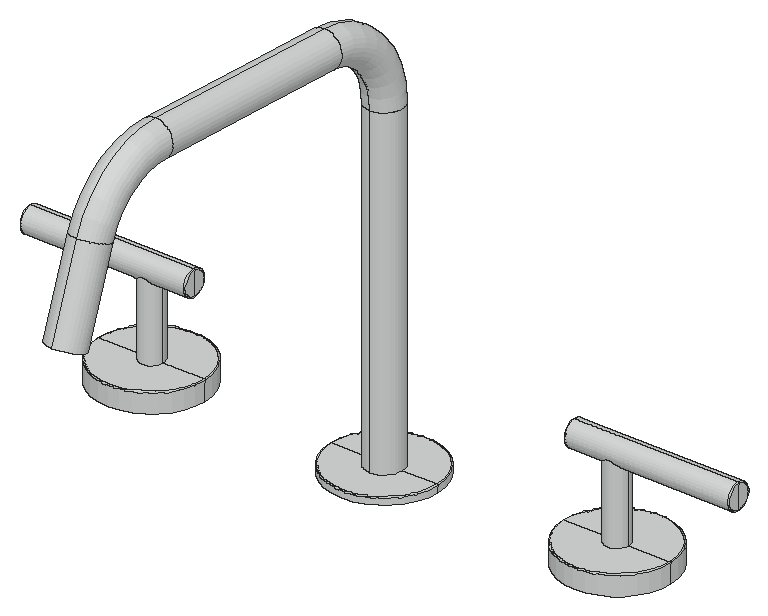
Revit family "TapSet_BathKitchen_Nero_Mecca_Edge_SpoutII", category Plumbing Fixtures, Revit 2022
Family settings
  Round Connector Dimension = Use Diameter
  Part Type = Normal
  OmniClass Number = 23.31.11.19
  OmniClass Title = Faucet Mixing Valves
  Work Plane-Based = No
  Always vertical = Yes
  Cut with Voids When Loaded = Yes
  Maintain Annotation Orientation = No
  Shared = No
  Room Calculation Point = No
Parameters (values of type "Chrome (25D003CH)")
  Waste Connection = no
  WFU = 0
  Vent Connection = no
  Uniclass2015Version = "Products v1.35"
  Uniclass2015Title = "Taps and water supply outlet fittings"
  Uniclass2015Code = "Pr_40_20_87"
  URL = "https://nerotapware.com.au/"
  Type Comments = "Tap Set - Bath Kitchen - Edge - Spout II - Chrome"
  ModifiedIssue = 20251009
  Model = "25D003CH"
  Material = Metal_Chrome_Nero
  ManufacturerURLProductSpecific = ""
  ManufacturerSpecCode = Model  # "25D003CH"
  ManufacturerOverallWidth = 396 mm  # constant formula
  ManufacturerOverallHeight = 247 mm  # constant formula
  ManufacturerOverallDepth = 262 mm  # constant formula
  Manufacturer = "Nero"
  IfcExportType = "MIXING"
  IfcExportAs = "IfcValve"
  HWFU = 0
  HW Connection = yes
  Description = "Mecca Bath/Kitchen Set Edge Spout II Chrome"
  Default Elevation = 900 mm
  CreatedByURL = "https://igsgroup.com.au"
  CreatedBy = "IGS BIM Solutions"  # constant formula
  CWFU = 0
  CW Connection = yes
  Assembly Code = "D2010"
Types (7, lengths in mm): name | Type Comments | Model | Material | ManufacturerSpecCode | Description
  Chrome (25D003CH) | "Tap Set - Bath Kitchen - Edge - Spout II - Chrome" | "25D003CH" | Metal_Chrome_Nero | "25D003CH" | "Mecca Bath/Kitchen Set Edge Spout II Chrome"
  Matte Black (25D003MB) | "Tap Set - Bath Kitchen - Edge - Spout II - Matte Black" | "25D003MB" | Metal_MatteBlack_Nero | "25D003MB" | "Mecca Bath/Kitchen Set Edge Spout II Matte Black"
  Brushed Nickel (25D003BN) | "Tap Set - Bath Kitchen - Edge - Spout II - Brushed Nickel" | "25D003BN" | Metal_Nickel_Nero_Brushed | "25D003BN" | "Mecca Bath/Kitchen Set Edge Spout II Brushed Nickel"
  Gun Metal (25D003GM) | "Tap Set - Bath Kitchen - Edge - Spout II - Gun Metal" | "25D003GM" | Metal_GunMetal_Nero | "25D003GM" | "Mecca Bath/Kitchen Set Edge Spout II Gun Metal"
  Brushed Gold (25D003BG) | "Tap Set - Bath Kitchen - Edge - Spout II - Brushed Gold" | "25D003BG" | Metal_Gold_Nero_Brushed | "25D003BG" | "Mecca Bath/Kitchen Set Edge Spout II Brushed Gold"
  Brushed Bronze (25D003BZ) | "Tap Set - Bath Kitchen - Edge - Spout II - Brushed Bronze" | "25D003BZ" | Metal_Bronze_Nero_Brushed | "25D003BZ" | "Mecca Bath/Kitchen Set Edge Spout II Brushed Bronze"
  Matte White (25D003MW) | "Tap Set - Bath Kitchen - Edge - Spout II - Matte White" | "25D003MW" | Metal_MatteWhite_Nero | "25D003MW" | "Mecca Bath/Kitchen Set Edge Spout II Matte White"
Reference planes
  plane 1 "Bottom": z = 0
  plane 2 "Center (Left/Right)": x = 0.115
  plane 3 "Ref. Level": z = 0
  plane 4 "Top": z = 247
  plane 5 "Right": x = 198.115
  plane 6 "Left": x = -197.885
  plane 7 "SpoutCenter (Front/Back)": y = 70.962
  plane 8 "Front": y = -161.038
  plane 9 "Back": y = 100.962
Forms (mm)
  Extrusion 1, solid, material "Metal_Chrome_Nero" <- "Material"
    sketch origin (-636.066, 1255.962, 0) x (-1, 0, 0) y (0, -1, 0)
      loop
        circle (-506.181, 1185) r 6.35
      loop
        circle (-766.181, 1185) r 6.35
    from 0 to -1
  Revolve 2, solid, material "Metal_Chrome_Nero" <- "Material"
    sketch origin (-129.77, 70.962, 70.962) x (0, 0, -1) y (1, 0, 0)
      loop
        line (70.962, 99.885) -> (70.962, 129.885) -> (66.962, 129.885) -> (66.962, 100.385)
        arc (66.962, 100.385) -> (67.109, 100.031) -> (67.462, 99.885) r 0.5
        line (67.462, 99.885) -> (70.962, 99.885)
      axis (66.962, 129.885) -> (70.962, 129.885)
    angle from 0 to 360
  Extrusion 3, void
    sketch origin (636.296, -1114.038, 0) x (1, 0, 0) y (0, 1, 0)
      loop
        circle (-766.181, 1185) r 15
      loop
        circle (-506.181, 1185) r 15
    from 0 to -40
  Sweep 4, solid, material "Metal_Chrome_Nero" <- "Material"
    path origin (0.115, 118.462, -3.038) x (0, 0, -1) y (0, 1, 0)
      loop
        line (-3.038, -47.5) -> (-188.096, -47.5)
        arc (-188.096, -47.5) -> (-218.941, -59.734) -> (-233.014, -89.784) r 45
        line (-233.014, -89.784) -> (-239.996, -207.734)
        arc (-239.996, -207.734) -> (-232.702, -235.137) -> (-210.469, -252.737) r 45
        line (-210.469, -252.737) -> (-163.038, -270)
    profile origin (0.115, 70.962, 92.529) x (0, -1, 0) y (1, 0, 0)
      loop
        circle (0, 0) r 10
  Revolve 5, solid, material "Metal_Chrome_Nero" <- "Material"
    sketch origin (0, 70.962, 70.962) x (0, 0, -1) y (1, 0, 0)
      loop
        line (70.962, -99.885) -> (60.462, -99.885)
        arc (60.462, -99.885) -> (60.109, -100.031) -> (59.962, -100.385) r 0.5
        line (59.962, -100.385) -> (59.962, -123.385) -> (13.962, -123.385) -> (13.962, -129.885) -> (70.962, -129.885) -> (70.962, -99.885)
      axis (13.962, -129.885) -> (70.962, -129.885)
    angle from 0 to 360
  Revolve 6, solid, material "Metal_Chrome_Nero" <- "Material"
    sketch origin (0, 70.962, 70.962) x (0, 0, -1) y (1, 0, 0)
      loop
        line (13.962, -105.885) -> (13.962, -197.885) -> (20.462, -197.885)
        arc (20.462, -197.885) -> (20.816, -197.739) -> (20.962, -197.385) r 0.5
        line (20.962, -197.385) -> (20.962, -106.385)
        arc (20.962, -106.385) -> (20.816, -106.031) -> (20.462, -105.885) r 0.5
        line (20.462, -105.885) -> (13.962, -105.885)
      axis (13.962, -105.885) -> (13.962, -197.885)
    angle from 0 to 360
  Revolve 7, solid, material "Metal_Chrome_Nero" <- "Material"
    sketch origin (0.23, 70.962, 70.962) x (0, 0, -1) y (1, 0, 0)
      loop
        line (70.962, 99.885) -> (70.962, 129.885) -> (13.962, 129.885) -> (13.962, 123.385) -> (59.962, 123.385) -> (59.962, 100.385)
        arc (59.962, 100.385) -> (60.109, 100.031) -> (60.462, 99.885) r 0.5
        line (60.462, 99.885) -> (70.962, 99.885)
      axis (13.962, 129.885) -> (70.962, 129.885)
    angle from 0 to 360
  Revolve 8, solid, material "Metal_Chrome_Nero" <- "Material"
    sketch origin (0.23, 70.962, 70.962) x (0, 0, -1) y (1, 0, 0)
      loop
        line (13.962, 105.885) -> (20.462, 105.885)
        arc (20.462, 105.885) -> (20.816, 106.031) -> (20.962, 106.385) r 0.5
        line (20.962, 106.385) -> (20.962, 197.385)
        arc (20.962, 197.385) -> (20.816, 197.739) -> (20.462, 197.885) r 0.5
        line (20.462, 197.885) -> (13.962, 197.885) -> (13.962, 105.885)
      axis (13.962, 105.885) -> (13.962, 197.885)
    angle from 0 to 360
Cuts and joins
  joined: Revolve 2, Sweep 4
  joined: Revolve 5, Revolve 6
  joined: Revolve 7, Revolve 8
Lines and regions (mm)
  Masking region 1
    outline origin (0, 0, 247) x (0, 1, 0) y (-1, 0, 0)
      loop
        spline (-149.038, 9.885) -> (-151.47, 9.544) -> (-153.736, 8.545) -> (-155.682, 6.956) -> (-157.176, 4.885) -> (-158.115, 2.473) -> (-158.435, -0.115) -> (-158.115, -2.703) -> (-157.176, -5.115) -> (-155.682, -7.186) -> (-153.736, -8.775) -> (-151.47, -9.774) -> (-149.038, -10.115)
        line (-149.038, -10.115) -> (42.678, -10.115)
        arc (42.678, -10.115) -> (100.962, -0.115) -> (42.678, 9.885) r 30
        line (42.678, 9.885) -> (-149.038, 9.885)
      loop
        arc (77.962, 197.385) -> (77.816, 197.739) -> (77.462, 197.885) r 0.5
        line (77.462, 197.885) -> (64.462, 197.885)
        arc (64.462, 197.885) -> (64.109, 197.739) -> (63.962, 197.385) r 0.5
        line (63.962, 197.385) -> (63.962, 159.057)
        arc (63.962, 159.057) -> (70.962, 99.885) -> (77.962, 159.057) r 30
        line (77.962, 159.057) -> (77.962, 197.385)
      loop
        line (77.962, -197.615) -> (77.962, -159.287)
        arc (77.962, -159.287) -> (70.962, -100.115) -> (63.962, -159.287) r 30
        line (63.962, -159.287) -> (63.962, -197.615)
        arc (63.962, -197.615) -> (64.109, -197.969) -> (64.462, -198.115) r 0.5
        line (64.462, -198.115) -> (77.462, -198.115)
        arc (77.462, -198.115) -> (77.816, -197.969) -> (77.962, -197.615) r 0.5
  symbolic lines, style "Taps/Mixers", detail levels medium+fine
    curve 1: arc (10.115, 70.962, 247) -> (0.115, 80.962, 247) -> (-9.885, 70.962, 247) r 10
    curve 2: line (-9.885, 42.678, 247) -> (-9.885, 70.962, 247)
    curve 3: line (10.115, 42.678, 247) -> (10.115, 70.962, 247)
    curve 4: line (106.615, 77.962, 247) -> (159.287, 77.962, 247)
    curve 5: line (106.115, 64.462, 247) -> (106.115, 77.462, 247)
    curve 6: arc (106.115, 77.462, 247) -> (106.261, 77.816, 247) -> (106.615, 77.962, 247) r 0.5
    curve 7: line (106.615, 63.962, 247) -> (159.287, 63.962, 247)
    curve 8: arc (106.115, 64.462, 247) -> (106.261, 64.109, 247) -> (106.615, 63.962, 247) r 0.5
    curve 9: line (-106.385, 77.962, 247) -> (-159.057, 77.962, 247)
    curve 10: line (-105.885, 64.462, 247) -> (-105.885, 77.462, 247)
    curve 11: arc (-105.885, 77.462, 247) -> (-106.031, 77.816, 247) -> (-106.385, 77.962, 247) r 0.5
    curve 12: line (-106.385, 63.962, 247) -> (-159.057, 63.962, 247)
    curve 13: arc (-105.885, 64.462, 247) -> (-106.031, 64.109, 247) -> (-106.385, 63.962, 247) r 0.5
Text (mm)
  text "Disclaimer:\nDue to ongoing product development and manufacturing evolution, product details are subject to change without notice. Please refer to product technical data sheets on the manufacturers website for the most current product information. Please allow a +/- 5mm manufacturing tolerance for dimensions and set-outs shown in product literature." at (347.32, 148.915, 0), in view "Ref. Level"
Dimensions and locks
  "ManufacturerOverallHeight": plane 4 "Top" to plane 1 "Bottom"
  equal spacing: plane 6 "Left", plane 2 "Center (Left/Right)", plane 5 "Right"
  "ManufacturerOverallWidth": plane 6 "Left" to plane 5 "Right"
  plane 9 "Back" to plane 7 "SpoutCenter (Front/Back)" = 30 mm
  "ManufacturerOverallDepth": plane 8 "Front" to plane 9 "Back"
Automatic sketch dimensions
  Revolve 2 sketch curve to plane 2 "Center (Left/Right)" = 0 mm  (x2)
  Revolve 2 sketch curve to level = 0 mm
  Revolve 2 sketch curve to Revolve 2 sketch curve = 3.5 mm
  Revolve 2 sketch curve to Revolve 2 sketch curve = 4 mm
  Revolve 2 sketch curve to plane 2 "Center (Left/Right)" = 29.5 mm
  Revolve 2 sketch curve to Revolve 2 sketch curve = 14.414 mm
  Revolve 2 sketch curve to level = 1.586 mm
  plane 7 "SpoutCenter (Front/Back)" to Extrusion 3 sketch curve = 0 mm  (x2)
  Extrusion 3 sketch curve to plane 6 "Left" = 68 mm
  Extrusion 3 sketch curve to plane 5 "Right" = 68 mm
  Sweep 4 sketch curve to plane 7 "SpoutCenter (Front/Back)" = 0 mm
  Sweep 4 sketch curve to level = 0 mm
  Sweep 4 sketch curve to plane 4 "Top" = 61.942 mm
  Sweep 4 sketch curve to plane 4 "Top" = 54.96 mm
  Sweep 4 sketch curve to plane 4 "Top" = 39.569 mm
  Sweep 4 sketch curve to plane 4 "Top" = 17.024 mm
  Sweep 4 sketch curve to plane 4 "Top" = 10.042 mm
  plane 7 "SpoutCenter (Front/Back)" to Sweep 4 sketch curve = 42.284 mm
  Sweep 4 sketch curve to plane 8 "Front" = 71.766 mm
  Sweep 4 sketch curve to Sweep 4 sketch curve = 2.716 mm
  Sweep 4 sketch curve to plane 8 "Front" = 9.5 mm
  Sweep 4 sketch curve to Sweep 4 sketch curve = 47.431 mm
  Sweep 4 sketch curve to profile plane = 0 mm  (x2)
  plane 7 "SpoutCenter (Front/Back)" to Extrusion 1 sketch curve = 0 mm  (x2)
  Extrusion 1 sketch curve to plane 5 "Right" = 68 mm
  Extrusion 1 sketch curve to plane 6 "Left" = 68 mm
  Revolve 5 sketch curve to level = 0 mm
  level to Revolve 5 sketch curve = 10.5 mm
  Revolve 5 sketch curve to Revolve 5 sketch curve = 0.5 mm
  Revolve 5 sketch curve to Revolve 5 sketch curve = 46 mm
  Revolve 5 sketch curve to plane 6 "Left" = 68 mm
  Revolve 5 sketch curve to Revolve 5 sketch curve = 6.5 mm
  Revolve 5 sketch curve to Revolve 5 sketch curve = 23 mm
  Revolve 5 sketch curve to Revolve 5 sketch curve = 7.414 mm
  Revolve 5 sketch curve to Revolve 5 sketch curve = 1.586 mm
  Revolve 5 sketch curve to Revolve 5 sketch curve = 0 mm
  plane 6 "Left" to Revolve 6 sketch curve = 0 mm
  level to Revolve 6 sketch curve = 57 mm
  Revolve 6 sketch curve to Revolve 6 sketch curve = 6.5 mm  (x2)
  Revolve 6 sketch curve to plane 6 "Left" = 0.5 mm
  Revolve 6 sketch curve to Revolve 6 sketch curve = 91 mm
  Revolve 6 sketch curve to Revolve 6 sketch curve = 0 mm
  Revolve 6 sketch curve to Revolve 6 sketch curve = 37.896 mm
  Revolve 6 sketch curve to Revolve 6 sketch curve = 0.115 mm
  Revolve 7 sketch curve to level = 0 mm
  level to Revolve 7 sketch curve = 10.5 mm
  Revolve 7 sketch curve to Revolve 7 sketch curve = 0.5 mm
  Revolve 7 sketch curve to Revolve 7 sketch curve = 46 mm
  Revolve 7 sketch curve to plane 5 "Right" = 98 mm
  Revolve 7 sketch curve to Revolve 7 sketch curve = 23 mm
  Revolve 7 sketch curve to Revolve 7 sketch curve = 6.5 mm
  Revolve 7 sketch curve to Revolve 7 sketch curve = 7.414 mm
  Revolve 7 sketch curve to Revolve 7 sketch curve = 1.586 mm
  Revolve 7 sketch curve to Revolve 7 sketch curve = 0 mm
  Revolve 8 sketch curve to plane 5 "Right" = 0 mm
  level to Revolve 8 sketch curve = 57 mm
  Revolve 8 sketch curve to Revolve 8 sketch curve = 6.5 mm  (x2)
  Revolve 8 sketch curve to plane 5 "Right" = 0.5 mm
  Revolve 8 sketch curve to Revolve 8 sketch curve = 91 mm
  Revolve 8 sketch curve to Revolve 8 sketch curve = 0 mm
  Revolve 8 sketch curve to Revolve 8 sketch curve = 37.896 mm
  Revolve 8 sketch curve to Revolve 8 sketch curve = 0.115 mm
  Masking region 1 sketch curve to plane 2 "Center (Left/Right)" = 0 mm  (x2)
  Masking region 1 sketch curve to plane 6 "Left" = 0 mm
  Masking region 1 sketch curve to plane 5 "Right" = 0 mm
  plane 7 "SpoutCenter (Front/Back)" to Masking region 1 sketch curve = 0 mm  (x3)
  plane 7 "SpoutCenter (Front/Back)" to Masking region 1 sketch curve = 6.5 mm  (x2)
  Masking region 1 sketch curve to Masking region 1 sketch curve = 0.5 mm  (x2)
  Masking region 1 sketch curve to plane 2 "Center (Left/Right)" = 10 mm
  plane 7 "SpoutCenter (Front/Back)" to Masking region 1 sketch curve = 28.284 mm
  Masking region 1 sketch curve to plane 8 "Front" = 12 mm
  Masking region 1 sketch curve to plane 6 "Left" = 0.5 mm
  Masking region 1 sketch curve to plane 7 "SpoutCenter (Front/Back)" = 6.5 mm  (x2)
  Masking region 1 sketch curve to plane 7 "SpoutCenter (Front/Back)" = 7 mm
  Masking region 1 sketch curve to Masking region 1 sketch curve = 38.328 mm
  Masking region 1 sketch curve to Masking region 1 sketch curve = 29.172 mm  (x2)
  Masking region 1 sketch curve to Masking region 1 sketch curve = 67.5 mm
  plane 7 "SpoutCenter (Front/Back)" to curve 3 = 0 mm
  curve 1 to plane 2 "Center (Left/Right)" = 0 mm
  plane 7 "SpoutCenter (Front/Back)" to curve 10 = 6.5 mm
  plane 7 "SpoutCenter (Front/Back)" to curve 8 = 6.5 mm
  curve 7 to curve 8 = 0.5 mm
  curve 12 to curve 13 = 0.5 mm
  curve 6 to plane 7 "SpoutCenter (Front/Back)" = 6.5 mm
  curve 10 to plane 7 "SpoutCenter (Front/Back)" = 6.5 mm
  curve 6 to curve 4 = 0.5 mm
  curve 11 to curve 9 = 0.5 mm
  plane 2 "Center (Left/Right)" to curve 3 = 10 mm
  curve 5 to plane 5 "Right" = 92 mm
  curve 10 to plane 6 "Left" = 92 mm
  plane 7 "SpoutCenter (Front/Back)" to curve 3 = 28.284 mm
  curve 2 to curve 3 = 0 mm
  curve 7 to plane 5 "Right" = 38.828 mm
  curve 4 to curve 7 = 0 mm
  curve 9 to plane 6 "Left" = 38.828 mm
  curve 12 to curve 9 = 0 mm
  radius of Extrusion 3 sketch curve = 15 mm  (x2)
  radius of Sweep 4 sketch curve = 10 mm
  radius of Extrusion 1 sketch curve = 6.35 mm  (x2)
Connectors
  piping at (-129.885, 70.962, -1), diameter 12.7, driven by "HW Connection"
    settings: on Extrusion 1, index 10, connector inside diameter 609.6 mm, connector length 0 mm, flow factor 0, pipe flow 0.0 L/s, pressure drop 0.0 Pa, fitting loss kfactor 0, connector angle 0.00°, fixture units 0, engagement length 0 mm, angle of deflection 0.00°, flow configuration 2, flow direction 1, fitting loss method 0, system type 19, joint type 0, gender type 0, connector reference index -1, connector utility 1, adjustable connector no, is connector primary yes, connector description ""
  piping at (-129.885, 70.962, -1), diameter 12.7, driven by "HW Connection"
    settings: on Extrusion 1, index 11, connector inside diameter 609.6 mm, connector length 0 mm, flow factor 0, pipe flow 0.0 L/s, pressure drop 0.0 Pa, fitting loss kfactor 0, connector angle 0.00°, fixture units 0, engagement length 0 mm, angle of deflection 0.00°, flow configuration 2, flow direction 1, fitting loss method 0, system type 19, joint type 0, gender type 0, connector reference index -1, connector utility 1, adjustable connector no, is connector primary no, connector description "Hot Water Supply"
  piping at (130.115, 70.962, -1), diameter 12.7, driven by "CW Connection"
    settings: on Extrusion 1, index 12, connector inside diameter 609.6 mm, connector length 0 mm, flow factor 0, pipe flow 0.0 L/s, pressure drop 0.0 Pa, fitting loss kfactor 0, connector angle 0.00°, fixture units 0, engagement length 0 mm, angle of deflection 0.00°, flow configuration 2, flow direction 1, fitting loss method 0, system type 20, joint type 0, gender type 0, connector reference index -1, connector utility 1, adjustable connector no, is connector primary no, connector description "Cold Water Supply"
